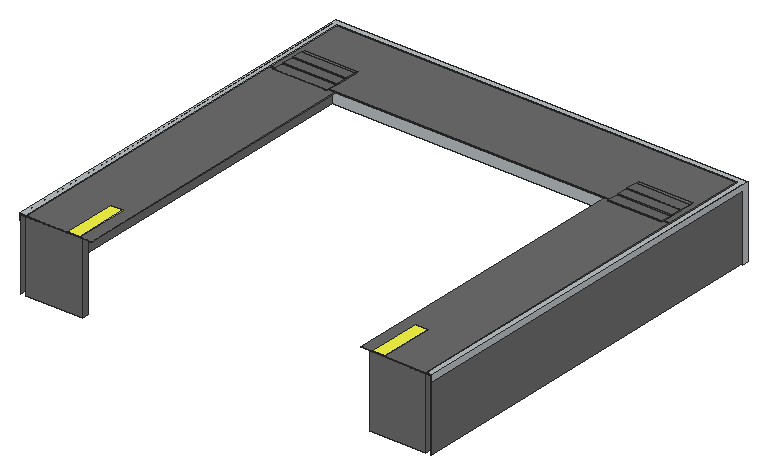
Revit family "DockEquipment_DockShelter_Pentalift_PS-500", category Generic Models, Revit 2026
Family settings
  Can host rebar = No
  Round Connector Dimension = Use Diameter
  Part Type = Normal
  Classification Number = 23.50.70.00
  Work Plane-Based = Yes
  Always vertical = No
  Cut with Voids When Loaded = No
  Maintain Annotation Orientation = No
  Shared = No
  Room Calculation Point = No
Parameters
  offset [instance] = 0' - 10 3/4"
  Warranty Duration (Years) = 0
  Vertical Strip [instance] = yes
  Unit Width [instance] = 11' - 6"
  Unit Height [instance] = 11' - 0"
  Unit Depth_Base [instance] = Unit Depth  # 2' - 0"
  Unit Depth = 2' - 0"
  URL = "http://www.pentalift.com/index.php"
  Strip Length [instance] = if(Full Height Vertical Strips, Unit Height - Drop, 1' 6")  # 1' - 6"
  SteelDepth [instance] = Unit Depth + 0' 4"  # 2' - 4"
  Specification = ""
  SpecWizard = ""
  Send Message = "http://www.arcat.com/users.pl?action=UserEmail&company=Pentalift Equipment Corp.&coid=34752&rep=119&fax=519-763-2894&mf="
  Sales Information = "http://www.pentalift.com/about-us.htm"
  Revision = "R1_01-2012"
  Product Properties = ""
  Product Data = "http://www.arcat.com/arcatcos/cos34/arc34752.html"
  Panel Material = Plastic - Vinyl - Pentalift - Black
  Side Curtain Width [instance] = 2' - 0"
  Full Height Vertical Strips [instance] = no
  Drop [instance] = 2' - 6"
  Model = "As Specified"
  Material = Metal - Steel - Pentalift - Galvanized
  Manufacturer Website = "http://www.pentalift.com/index.php"
  Manufacturer Phone - Toll Free = ""
  Manufacturer Phone = "519-763-3625"
  Manufacturer Fax = "519-763-2894"
  Manufacturer Address = "21 Nicholas Beaver Rd. Guelph, ON, Canada N1H 6H9"
  Manufacturer = "Pentalift Equipment Corp."
  Maintenance Schedule (Months) = 0
  Keynote = "11160"
  Installation-Fabrication = ""
  Installation Phase = ""
  Green Building-LEED = ""
  Expected Lifespan (Years) = 0
  Drawn By = "Sumex Design, Inc. / Robert S. Weygant, CSI, CDT, SCIP"
  Description = "Pentalift Dock Equipment as Specified"
  Default Elevation = 4' - 0"
  Copyright = "©Arcat Inc."
  Construction Details = "http://www.arcat.com/details/pentalif/pentalif.html?coid=34752"
  Clear Width [instance] = 8' - 0"
  Clear Height [instance] = 8' - 0"
  Assembly Code = "E1030300"
Reference planes (in)
  plane 1 "Center (Front/Back)": y = 0
  plane 2 "Bottom": z = 0
  plane 3 "Center (Left/Right)": x = 0
  plane 4 "Front": y = -66
  plane 5 "Back": y = 66
  plane 6 "Left": x = -69
  plane 7 "Right": x = 69
  plane 8 "Top": z = 24
  plane 9: x = -48
  plane 10: x = 48
  plane 11: y = 30
  plane 12: z = 24
  plane 13: y = -66
  plane 14: x = -51
  plane 15: x = 51
  plane 16: y = -18
  plane 17: y = 66
  plane 18: y = 64
  plane 19: y = 64
  plane 20: x = 67
  plane 21: x = -67
  plane 22: x = 45
  plane 23: x = -45
  plane 24: y = 36
Forms (in)
  Sweep 1, solid, material "Plastic - Vinyl - Pentalift - Yellow", visible <- "Vertical Strip"
    path origin (-51, 53.619, 48) x (0, 1, 0) y (0, 0, 1)
      loop
        line (-101.619, -24) -> (-119.619, -24)
    profile origin (-51, -57, 24) x (0, 0, -1) y (1, 0, 0)
      loop
        line (0, -2) -> (0, 2) -> (-0.0625, 2) -> (-0.0625, -2) -> (0, -2)
  Sweep 2, solid, material "Plastic - Vinyl - Pentalift - Yellow", visible <- "Vertical Strip"
    path origin (51, 53.619, 48) x (0, 1, 0) y (0, 0, 1)
      loop
        line (-101.619, -24) -> (-119.619, -24)
    profile origin (51, -57, 24) x (0, 0, -1) y (1, 0, 0)
      loop
        line (0, -2) -> (0, 2) -> (-0.06267, 2) -> (-0.06267, -2) -> (0, -2)
  Extrusion 3, solid, material "Plastic - Vinyl - Pentalift - Black" <- "Panel Material"
    sketch origin (-51.28596, -180, 24) x (-1, 0, 0) y (0, -1, 0)
      loop
        line (15.71404, -216) -> (-118.28596, -216) -> (-118.28596, -244) -> (15.71404, -244) -> (15.71404, -216)
    from 0 to -0.125
  Sweep 4, solid, material "Metal - Steel - Pentalift - Galvanized" <- "Material"
    path origin (0, 0, 0) x (1, 0, 0) y (0, 1, 0)
      loop
        line (-69, 66) -> (0, 66) -> (69, 66)
    profile origin (-34.5, 66, 0) x (0, 1, 0) y (0, 0, 1)
      loop
        line (0, 0) -> (0, 24) -> (-2, 24) -> (-2, 0) -> (0, 0)
  Extrusion 5, solid, material "Plastic - Vinyl - Pentalift - Black" <- "Panel Material"
    sketch origin (-51.28596, -180, 24) x (-1, 0, 0) y (0, -1, 0)
      loop
        line (15.71404, -114) -> (-6.28596, -114) -> (-6.28596, -216) -> (15.71404, -216) -> (15.71404, -114)
      loop
        line (-118.28596, -114) -> (-118.28596, -216) -> (-96.28596, -216) -> (-96.28596, -114) -> (-118.28596, -114)
    from 0 to -0.125
  Extrusion 6, solid, material "Plastic - Vinyl - Pentalift - Black" <- "Panel Material"
    sketch origin (0, 0, 0) x (1, 0, 0) y (0, 1, 0)
      loop
        line (-67, -66) -> (-48, -66) -> (-48, -64) -> (-67, -64) -> (-67, -66)
      loop
        line (67, -66) -> (67, -64) -> (48, -64) -> (48, -66) -> (67, -66)
    from 0 to 23.75
  Extrusion 7, solid, material "Plastic - Vinyl - Pentalift - Black" <- "Panel Material"
    sketch origin (0, -66, 22.94543) x (0, 0, 1) y (-1, 0, 0)
      loop
        line (-22.94543, 68.75) -> (-22.94543, 68.625) -> (0.80457, 68.625) -> (0.80457, 68.75) -> (-22.94543, 68.75)
      loop
        line (-22.94543, -68.75) -> (0.80457, -68.75) -> (0.80457, -68.625) -> (-22.94543, -68.625) -> (-22.94543, -68.75)
    from 0 to -130
  Extrusion 8, solid, material "Metal - Steel - Pentalift - Galvanized" <- "Material"
    sketch origin (0, -66, 22.94543) x (0, 0, 1) y (-1, 0, 0)
      loop
        line (1.05457, 69) -> (-0.94543, 69) -> (-0.94543, 68.75) -> (0.80457, 68.75) -> (0.80457, 67) -> (1.05457, 67) -> (1.05457, 69)
      loop
        line (1.05457, -69) -> (1.05457, -67) -> (0.80457, -67) -> (0.80457, -68.75) -> (-0.94543, -68.75) -> (-0.94543, -69) -> (1.05457, -69)
    from 0 to -130
Cuts and joins
  joined: Extrusion 6, Extrusion 7
  joined: Sweep 4, Extrusion 8
Lines and regions (in)
  reference lines
    curve 1: line (-51, 66, 24) -> (-51, -66, 24)
    curve 2: line (-51, 36, 24) -> (-67.25, 36, 24)
Dimensions and locks (in)
  equal spacing: plane 6 "Left", plane 3 "Center (Left/Right)", plane 7 "Right"
  "Unit Width": plane 6 "Left" to plane 7 "Right"
  equal spacing: plane 5 "Back", plane 1 "Center (Front/Back)", plane 4 "Front"
  "Unit Height": plane 5 "Back" to plane 4 "Front"
  "Unit Depth": plane 8 "Top" to level
  equal spacing: plane 9, plane 3 "Center (Left/Right)", plane 10
  "Clear Width": plane 9 to plane 10
  "Clear Height": plane 11 to plane 4 "Front"
  "Unit Depth_Base": plane 12 to level
  locked: plane 4 "Front" to plane 13
  locked: plane 22 to plane 15 at 6
  locked: plane 14 to plane 23 at 6
  "Strip Length": Sweep 1 sketch curve to Sweep 1 sketch curve
  equal spacing: plane 11, plane 16, plane 13
  "Strip Length": Sweep 2 sketch curve to Sweep 2 sketch curve
  locked: plane 17 to plane 5 "Back"
  locked: plane 19 to plane 18
  locked: plane 5 "Back" to plane 18 at 2
  locked: plane 20 to plane 7 "Right" at 2
  locked: plane 6 "Left" to plane 21 at 2
  locked: curve 1 to Sweep 1 sketch curve
  locked: curve 1 to Sweep 2 sketch curve
  locked: plane 12 to Extrusion 6 at 0.25
  "Side Curtain Width": plane 6 "Left" to plane 23
  "Side Curtain Width": plane 22 to plane 7 "Right"
  equal spacing: plane 21, nested 1, plane 23
  equal spacing: plane 22, nested 2, plane 20
  "Drop": plane 17 to plane 24
  locked: nested 2 to plane 24 at 12
  locked: nested 1 to plane 24 at 12
  aligned and locked: curve 1 to Sweep 1 sketch curve
  aligned and locked: curve 1 to Sweep 2 sketch curve
  aligned and locked: plane 12 to Sweep 4 sketch curve
  aligned and locked: plane 18 to Extrusion 7
  aligned and locked: plane 18 to Extrusion 8
  aligned and locked: plane 24 to nested 2
  aligned and locked: plane 24 to nested 1
Automatic sketch dimensions
  Sweep 1 sketch curve to profile plane = 0' - 0"
  Sweep 1 sketch curve to Sweep 1 sketch curve = 0' - 0 1/16"
  Sweep 1 sketch curve to plane 14 = 0' - 2"
  plane 14 to Sweep 1 sketch curve = 0' - 2"
  Sweep 2 sketch curve to profile plane = 0' - 0"
  Sweep 2 sketch curve to Sweep 2 sketch curve = 0' - 0.06267"
  Sweep 2 sketch curve to plane 15 = 0' - 2"
  plane 15 to Sweep 2 sketch curve = 0' - 2"
  curve 1 to plane 12 = 0' - 0"
  curve 1 to plane 13 = 0' - 0"
  curve 1 to plane 5 "Back" = 0' - 0"
  curve 1 to plane 8 "Top" = 0' - 0"
  curve 2 to curve 1 = 0' - 0"
  curve 2 to curve 1 = 1' - 4 1/4"
  Sweep 4 sketch curve to plane 3 "Center (Left/Right)" = 0' - 0"
  Sweep 4 sketch curve to plane 17 = 0' - 0"
  Sweep 4 sketch curve to level = 0' - 0"
  Sweep 4 sketch curve to profile plane = 0' - 0"
  profile plane to Sweep 4 sketch curve = 0' - 2"
  Extrusion 6 sketch curve to plane 4 "Front" = 0' - 0"  (x2)
  Extrusion 6 sketch curve to plane 21 = 0' - 0"
  Extrusion 6 sketch curve to plane 9 = 0' - 0"
  Extrusion 6 sketch curve to plane 10 = 0' - 0"
  Extrusion 6 sketch curve to plane 20 = 0' - 0"
  plane 4 "Front" to Extrusion 6 sketch curve = 0' - 2"  (x4)
  Extrusion 5 sketch curve to plane 20 = 0' - 0"
  Extrusion 5 sketch curve to plane 4 "Front" = 0' - 0"  (x2)
  Extrusion 5 sketch curve to plane 22 = 0' - 0"
  Extrusion 5 sketch curve to plane 23 = 0' - 0"
  Sweep 4 sketch curve to plane 5 "Back" = 0' - 0"  (x2)
  Sweep 4 sketch curve to plane 6 "Left" = 0' - 0"
  Sweep 4 sketch curve to plane 7 "Right" = 0' - 0"
  Extrusion 7 sketch curve to level = 0' - 0"  (x2)
  plane 6 "Left" to Extrusion 7 sketch curve = 0' - 0 1/4"
  Extrusion 7 sketch curve to plane 8 "Top" = 0' - 0 1/4"  (x2)
  Extrusion 7 sketch curve to plane 7 "Right" = 0' - 0 1/4"
  Extrusion 7 sketch curve to plane 20 = 0' - 1 5/8"
  plane 21 to Extrusion 7 sketch curve = 0' - 1 5/8"
  Extrusion 8 sketch curve to plane 7 "Right" = 0' - 0"
  Extrusion 8 sketch curve to plane 6 "Left" = 0' - 0"
  Extrusion 8 sketch curve to plane 21 = 0' - 0"
  Extrusion 8 sketch curve to plane 20 = 0' - 0"
  Extrusion 8 sketch curve to plane 8 "Top" = 0' - 0"  (x2)
  Extrusion 8 sketch curve to Extrusion 8 sketch curve = 0' - 0 1/4"  (x2)
  plane 6 "Left" to Extrusion 8 sketch curve = 0' - 0 1/4"
  Extrusion 8 sketch curve to Extrusion 8 sketch curve = 0' - 1 3/4"  (x2)
  Extrusion 8 sketch curve to plane 7 "Right" = 0' - 0 1/4"
  Extrusion 3 sketch curve to plane 18 = 0' - 0"
  Extrusion 3 sketch curve to plane 20 = 0' - 0"
  Extrusion 3 sketch curve to plane 21 = 0' - 0"
  curve 1 to curve 2 = 2' - 6"
  Extrusion 3 sketch curve to plane 24 = 0' - 0"
  Extrusion 5 sketch curve to plane 24 = 0' - 0"  (x2)
  Extrusion 5 sketch curve to plane 21 = 0' - 0"
Nested families (in)
  nested 1: "Seal Flaps" at (-56, 42, 24), Material <- "Panel Material", type "4" Exposure"
    with offset 0' - 0", Unit Width 1' - 6", Unit Height 1' - 0", Striped no, Stripe Material Plastic - Vinyl - Pentalift - Yellow, Material Plastic - Vinyl - Pentalift - Black, Flaps 3, Flaps Visible yes, Exposure 0' - 4"
  nested 2: "Seal Flaps" at (56, 42, 24), Material <- "Panel Material", type "4" Exposure"
    with offset 0' - 0", Unit Width 1' - 6", Unit Height 1' - 0", Striped no, Stripe Material Plastic - Vinyl - Pentalift - Yellow, Material Plastic - Vinyl - Pentalift - Black, Flaps 3, Flaps Visible yes, Exposure 0' - 4"
Definition of nested family "Seal Flaps"
  Parameters
    offset [instance] = 0' - 0"
    Warranty Duration (Years) = 0
    Unit Width [instance] = 1' - 0"
    Unit Height [instance] = 6' - 0"
    Unit Depth = 0' - 4"
    URL = ""
    Striped [instance] = yes
    Stripe Material [instance] = none
    Model = "As Specified"
    Material [instance] = none
    Manufacturer = ""
    Maintenance Schedule (Months) = 0
    Keynote = ""
    Installation Phase = ""
    Flaps Visible = no
    Flaps [instance] = (Unit Height - 0' 1") / Exposure  # 4
    Exposure = 1' - 4"
    Expected Lifespan (Years) = 0
    Description = ""
    Default Elevation = 4' - 0"
    Assembly Code = ""
  Reference planes (in)
    plane 1 "Center (Front/Back)": y = 0
    plane 2 "Bottom": z = 0
    plane 3 "Center (Left/Right)": x = 0
    plane 4 "Front": y = -36
    plane 5 "Back": y = 36
    plane 6 "Left": x = -6
    plane 7 "Right": x = 6
    plane 8 "Top": z = 4
  Dimensions and locks (in)
    equal spacing: plane 6 "Left", plane 3 "Center (Left/Right)", plane 7 "Right"
    "Unit Width": plane 6 "Left" to plane 7 "Right"
    equal spacing: plane 5 "Back", plane 1 "Center (Front/Back)", plane 4 "Front"
    "Unit Height": plane 5 "Back" to plane 4 "Front"
    "Unit Depth": plane 8 "Top" to level
    equal spacing: group 1, group 2, group 3, group 4  (x2)
    equal spacing: group 4, group 3, group 2, group 1
    "Exposure": plane 5 "Back" to nested 2
    aligned and locked: plane 5 "Back" to nested 1
    aligned and locked: plane 3 "Center (Left/Right)" to nested 1
    aligned and locked: plane 3 "Center (Left/Right)" to nested 2
  Nested families (in)
    nested 1: "Seal Flap" at (0, 27, 0), Unit Width <- "Unit Width", Unit Height <- "Exposure", Material <- "Material", visible <- "Flaps Visible", Stripe <- "Striped", Stripe Material <- "Stripe Material", type "Seal Flap"
      with offset 0' - 0", Unit Width 1' - 0", Unit Height 1' - 4", Unit Depth 0' - 0 1/4", Stripe Material none, Stripe yes, Material none
    nested 2: "Seal Flap" at (0, 11, 0), Unit Width <- "Unit Width", Unit Height <- "Exposure", Material <- "Material", visible <- "Flaps Visible", Stripe <- "Striped", Stripe Material <- "Stripe Material", type "Seal Flap"
      with offset 0' - 0", Unit Width 1' - 0", Unit Height 1' - 4", Unit Depth 0' - 0 1/4", Stripe Material none, Stripe yes, Material none
    nested 3: "Seal Flap" at (0, -5, 0), Unit Width <- "Unit Width", Unit Height <- "Exposure", Material <- "Material", visible <- "Flaps Visible", Stripe <- "Striped", Stripe Material <- "Stripe Material", type "Seal Flap"
      with offset 0' - 0", Unit Width 1' - 0", Unit Height 1' - 4", Unit Depth 0' - 0 1/4", Stripe Material none, Stripe yes, Material none
    nested 4: "Seal Flap" at (0, -21, 0), Unit Width <- "Unit Width", Unit Height <- "Exposure", Material <- "Material", visible <- "Flaps Visible", Stripe <- "Striped", Stripe Material <- "Stripe Material", type "Seal Flap"
      with offset 0' - 0", Unit Width 1' - 0", Unit Height 1' - 4", Unit Depth 0' - 0 1/4", Stripe Material none, Stripe yes, Material none
  Definition of nested family "Seal Flap"
    Parameters
      offset [instance] = 0' - 0"
      Warranty Duration (Years) = 0
      Unit Width [instance] = 1' - 0"
      Unit Height [instance] = 0' - 4"
      Unit Depth [instance] = 0' - 0 1/4"  # constant formula
      URL = "http://www.supersealmfg.com/"
      Stripe Material [instance] = none
      Stripe [instance] = yes
      Specification = ""
      SpecWizard = ""
      Send Message = "http://www.arcat.com/users.pl?action=UserEmail&company=Super-Seal%20Mfg.%20Ltd&coid=44693&rep=119&fax=905-850-4440 &mf="
      Sales Information = "http://www.supersealmfg.com/ContactUs.htm"
      Revision = "R1_07-2011"
      Product Properties = ""
      Product Data = "http://arcat.com/arcatcos/cos44/arc44693.html?isac=1&r=1"
      Model = "As Specified"
      Material [instance] = none
      Manufacturer Website = "http://www.supersealmfg.com/"
      Manufacturer Phone - Toll Free = "800-337-3239 "
      Manufacturer Phone = "800-337-3239 "
      Manufacturer Fax = "905-850-4440 "
      Manufacturer Address = "670 Rowntree Dairy Rd. Woodbridge , ON, Canada L4L-5T8"
      Manufacturer = "Super-Seal Mfg. Ltd"
      Maintenance Schedule (Months) = 0
      Keynote = ""
      Installation-Fabrication = ""
      Installation Phase = ""
      Green Building-LEED = ""
      Expected Lifespan (Years) = 0
      Drawn By = "Sumex Design, Inc. / Robert S. Weygant, CSI, CDT, SCIP"
      Description = "Super Seal"
      Default Elevation = 0' - 0"
      Copyright = "©Arcat Inc."
      Construction Details = "http://arcat.com/details/supersea/supersea.html?coid=44693"
      Assembly Code = ""
    Reference planes (in)
      plane 1 "Center (Front/Back)": y = 0
      plane 2 "Bottom": z = 0
      plane 3 "Center (Left/Right)": x = 0
      plane 4 "Front": y = -2
      plane 5 "Back": y = 2
      plane 6 "Left": x = -6
      plane 7 "Right": x = 6
      plane 8 "Top": z = 0.25
    Forms (in)
      Sweep 1, solid, material <- "Material"
        path origin (0, 0, 0) x (0, 1, 0) y (0, 0, 1)
          loop
            line (-2, 0.25) -> (2, 0) -> (3, 0)
        profile origin (0, 0, 0.125) x (0, 0.062378, 0.998053) y (1, 0, 0)
          loop
            line (0, -6) -> (0.125, -6) -> (0.125, 6) -> (0, 6) -> (0, -6)
      Sweep 2, solid, material <- "Stripe Material", visible <- "Stripe"
        path origin (0, 0, 0) x (0, 1, 0) y (0, 0, 1)
          loop
            line (-2, 0.25) -> (2, 0) -> (3, 0)
        profile origin (0, 0, 0.125) x (0, 0.062378, 0.998053) y (1, 0, 0)
          loop
            line (0.1875, -2) -> (0.1875, 2) -> (0.125, 2) -> (0.125, -2) -> (0.1875, -2)
    Dimensions and locks (in)
      equal spacing: plane 6 "Left", plane 3 "Center (Left/Right)", plane 7 "Right"
      "Unit Width": plane 6 "Left" to plane 7 "Right"
      equal spacing: plane 5 "Back", plane 1 "Center (Front/Back)", plane 4 "Front"
      "Unit Height": plane 5 "Back" to plane 4 "Front"
      "Unit Depth": plane 8 "Top" to level
      aligned and locked: plane 7 "Right" to Sweep 1 sketch curve
      aligned and locked: Sweep 1 sketch curve to plane 6 "Left"
    Automatic sketch dimensions
      Sweep 1 sketch curve to plane 4 "Front" = 0' - 0"
      Sweep 1 sketch curve to level = 0' - 0"
      Sweep 1 sketch curve to plane 5 "Back" = 0' - 0"
      Sweep 1 sketch curve to plane 8 "Top" = 0' - 0"
      plane 5 "Back" to Sweep 1 sketch curve = 0' - 1"
      Sweep 1 sketch curve to profile plane = 0' - 0"
      Sweep 1 sketch curve to profile plane = 0' - 0 1/8"
      Sweep 2 sketch curve to plane 4 "Front" = 0' - 0"
      Sweep 2 sketch curve to level = 0' - 0"
      Sweep 2 sketch curve to plane 5 "Back" = 0' - 0"
      Sweep 2 sketch curve to plane 8 "Top" = 0' - 0"
      Sweep 2 sketch curve to Sweep 2 sketch curve = 0' - 1"
      Sweep 2 sketch curve to profile plane = 0' - 0 1/8"
      Sweep 2 sketch curve to Sweep 2 sketch curve = 0' - 0 1/16"
      Sweep 2 sketch curve to plane 3 "Center (Left/Right)" = 0' - 2"
      plane 3 "Center (Left/Right)" to Sweep 2 sketch curve = 0' - 2"
